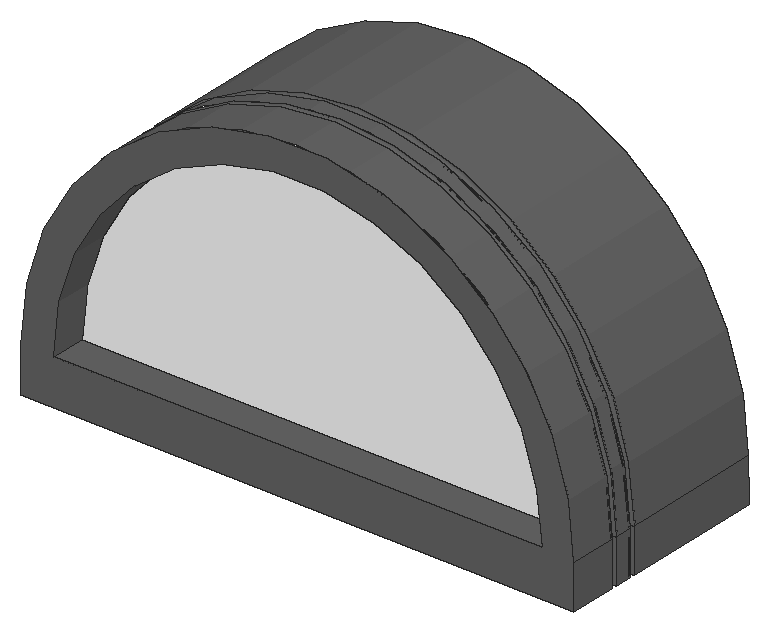
Revit family "RDI2", category Lighting Fixtures, host Face, Revit 2021
Family settings
  Host = Face
  Round Connector Dimension = Use Diameter
  Part Type = Normal
  OmniClass Number = 23.80.70.11
  OmniClass Title = Luminaries for Internal Lighting
  Cut with Voids When Loaded = No
  Light Source = Yes
  Shared = No
  Room Calculation Point = No
Parameters (values of type "RDI2")
  Wattage Comments = "30W"
  Wattage = 30 W
  built-in parameter 1150110 = 1 (stored number, unit not read)
  URL = "https://www.currentlighting.com/exo"
  built-in parameter 1114217 = 1 (stored number, unit not read)
  Tilt Angle = 70.00°
  built-in parameter 1150109 = 1 (stored number, unit not read)
  built-in parameter 1150134 = 3
  built-in parameter 1150113 = 1 (stored number, unit not read)
  Product Page URL = ""
  Product Documentation Link = ""
  Photometric Web File = "TRP2-24L-30-3K7-1.ies"
  Model = "RDI2"  # constant formula
  Manufacturer = "EXO"  # constant formula
  built-in parameter 1150105 = -14137770.2 (stored number, unit not read)
  Lumens = 3930 lm
  built-in parameter 1150115 = 1 (stored number, unit not read)
  built-in parameter 1150137 = (empty or 0)
  built-in parameter 1150139 = (empty or 0)
  built-in parameter 1150112 = 1 (stored number, unit not read)
  built-in parameter 1150114 = 1 (stored number, unit not read)
  Lamp = "LED"
  Opal lens = Glass - White
  built-in parameter 1150132 = (empty or 0)
  built-in parameter 1150102 = (empty or 0)
  built-in parameter 1150107 = 3200 (stored number, unit not read)
  built-in parameter 1150138 = (empty or 0)
  built-in parameter 1150106 = -141377.7 (stored number, unit not read)
  Finish2 = White
  built-in parameter 1150104 = 12.17 (stored number, unit not read)
  Dimming Lamp Color Temperature Shift = <None>
  Description = "Mid sized architectural wallpacks in three stylish shapes with molded contours to accentuate building architecture. Provides excellent illumination in energy-saving LED systems."  # constant formula
  Default Elevation = 48"
  Finish = Black
  Color Filter = 16777215
  built-in parameter 1114218 = 1 (stored number, unit not read)
  built-in parameter 1150133 = 10 (stored number, unit not read)
Reference planes (in)
  plane 1 "Center (Front/Back)": y = 2
  plane 2: z = 0
  plane 3 "Center (Left/Right)": x = 0
  plane 4: y = -5.13
  plane 5: z = 10.5
  plane 6: x = 9.065
  plane 7: x = -9.0625
  plane 8: x = 5.815
  plane 9: y = -3.47871
Forms (in)
  Extrusion 1, solid, material "Black" <- "Finish"
    sketch origin (0, 2, 0) x (1, 0, 0) y (0, 0, 1)
      loop
        line (-9.0625, 1.43625) -> (-9.0625, 0) -> (-8.8125, 0) -> (-8.8125, 1.43625)
        arc (-8.8125, 1.43625) -> (0.00125, 10.25) -> (8.815, 1.43625) r 8.81375
        line (8.815, 1.43625) -> (8.815, 0) -> (9.065, 0) -> (9.065, 1.43625)
        arc (9.065, 1.43625) -> (0.00125, 10.5) -> (-9.0625, 1.43625) r 9.06375
    from 0 to 7.13
  Extrusion 2, solid, material "Black" <- "Finish"
    sketch origin (0, 2, 0) x (1, 0, 0) y (0, 0, 1)
      loop
        arc (9.065, 1.43625) -> (0.00125, 10.5) -> (-9.0625, 1.43625) r 9.06375
        line (-9.0625, 1.43625) -> (-9.0625, 0) -> (9.065, 0) -> (9.065, 1.43625)
    from 0 to 0.33068
  Extrusion 3, solid, material "Black" <- "Finish"
    sketch origin (0, 2, 0) x (1, 0, 0) y (0, 0, 1)
      loop
        arc (9.065, 1.43625) -> (0.00125, 10.5) -> (-9.0625, 1.43625) r 9.06375
        line (-9.0625, 1.43625) -> (-9.0625, 0) -> (9.065, 0) -> (9.065, 1.43625)
    from 4.16528 to 5.97871
  Extrusion 4, solid, material "Black" <- "Finish"
    sketch origin (0, 2, 0) x (1, 0, 0) y (0, 0, 1)
      loop
        line (-8.8125, 0) -> (8.815, 0) -> (8.815, 0.5) -> (-8.8125, 0.5) -> (-8.8125, 0)
    from 5.97871 to 7.13
  Extrusion 5, solid, material "Black" <- "Finish"
    sketch origin (0, 0, 0) x (1, 0, 0) y (0, 1, 0)
      loop
        line (9.065, 2) -> (-9.0625, 2) -> (-9.0625, -3.97871) -> (9.065, -3.97871) -> (9.065, 2)
    from 0 to 0.21509
  Extrusion 6, void
    sketch origin (0, 2, -0.25) x (1, 0, 0) y (0, 0, 1)
      loop
        arc (8.03596, 1.75) -> (0.03596, 9.75) -> (-7.96404, 1.75) r 8
        line (-7.96404, 1.75) -> (8.03596, 1.75)
    from 4.51347 to 5.97871
  Sweep 7, void
    path origin (0, -3.47871, 10.81839) x (0, 0, 1) y (-1, 0, 0)
      loop
        line (-10.81839, -9.065) -> (-9.38214, -9.065)
        arc (-9.38214, -9.065) -> (-0.31839, -0.00125) -> (-9.38214, 9.0625) r 9.06375
        line (-9.38214, 9.0625) -> (-10.81839, 9.0625)
    profile origin (0.00125, -3.47871, 10.5) x (0, 0, -1) y (0, -1, 0)
      loop
        circle (0, 0) r 0.09361
  Sweep 8, void
    path origin (0, -2.75, 10.81839) x (0, 0, 1) y (-1, 0, 0)
      loop
        line (-10.81839, -9.065) -> (-9.38214, -9.065)
        arc (-9.38214, -9.065) -> (-0.31839, -0.00125) -> (-9.38214, 9.0625) r 9.06375
        line (-9.38214, 9.0625) -> (-10.81839, 9.0625)
    profile origin (0.00125, -2.75, 10.5) x (0, 0, -1) y (0, -1, 0)
      loop
        circle (0, 0) r 0.09361
  Extrusion 9, solid, material "Glass - White" <- "Opal lens"
    sketch origin (0, 2, 0) x (1, 0, 0) y (0, 0, 1)
      loop
        line (-7.96404, 1.5) -> (8.03596, 1.5)
        arc (8.03596, 1.5) -> (0.03596, 9.5) -> (-7.96404, 1.5) r 8
    from 4.84361 to 5.97871
  Extrusion 10, solid, material "Black" <- "Finish"
    sketch origin (0, 2, 0) x (1, 0, 0) y (0, 0, 1)
      loop
        line (-7.96404, 1.5) -> (8.03596, 1.5)
        arc (8.03596, 1.5) -> (0.03596, 9.5) -> (-7.96404, 1.5) r 8
      loop
        arc (9.065, 1.43625) -> (0.00125, 10.5) -> (-9.0625, 1.43625) r 9.06375
        line (-9.0625, 1.43625) -> (-9.0625, 0) -> (9.065, 0) -> (9.065, 1.43625)
    from 5.97871 to 7.13
Cuts and joins
  Extrusion 6, Sweep 7, Sweep 8 cuts Extrusion 1
  Extrusion 6, Sweep 7, Sweep 8 cuts Extrusion 2
  Extrusion 6, Sweep 7, Sweep 8 cuts Extrusion 3
  Extrusion 6, Sweep 7, Sweep 8 cuts Extrusion 4
  Extrusion 6, Sweep 7, Sweep 8 cuts Extrusion 5
  joined: Extrusion 1, Extrusion 2, Extrusion 3, Extrusion 4, Extrusion 5, Extrusion 10
Dimensions and locks (in)
  plane 7 to plane 6 = 18.1275"
  aligned and locked: plane 2 to host face
  aligned and locked: level to host face
  aligned and locked: Extrusion 1 to plane 1 "Center (Front/Back)"
  aligned and locked: plane 4 to Extrusion 1
  aligned and locked: Extrusion 2 to plane 1 "Center (Front/Back)"
  aligned and locked: Extrusion 4 to cut or joined group 1 (Extrusion 1, Extrusion 2, Extrusion 3, Extrusion 4, Extrusion 5, Extrusion 6, Sweep 7, Sweep 8, Extrusion 10)
  aligned and locked: plane 4 to Extrusion 4
  aligned and locked: Extrusion 5 to level
  aligned and locked: Extrusion 5 sketch curve to cut or joined group 1
  aligned and locked: Extrusion 3 to Extrusion 6
Connectors (in)
  electrical at (0, 0, 0), driven by "Description"
    settings: index 1, voltage 0 V, apparent load 0 VA, apparent load phase1 0 VA, apparent load phase2 0 VA, apparent load phase3 0 VA, power factor 1, load classification "Other", number of poles 1, system type 30, power factor state 1, is connector primary yes, connector utility no, sub classification motor no, connector description "Mid sized architectural wallpacks in three stylish shapes with molded contours to accentuate building architecture. Provides excellent illumination in energy-saving LED systems."
